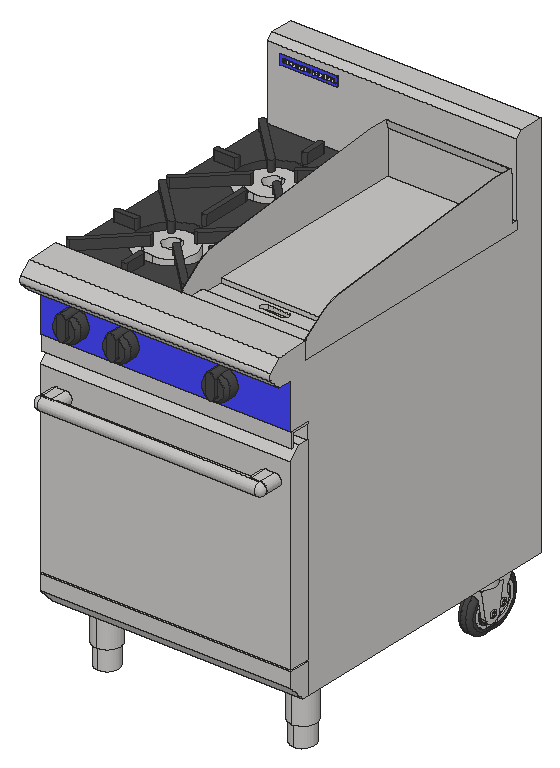
Revit family "QF_MOFFAT_BLUESEAL_CE_G504C", category Specialty Equipment, Revit 2012
Parameters
  Weight in Pounds = 346
  URL Cutsheet = "www.moffat.com"
  URL = "www.moffat.com"
  Type Mark [instance] = ""
  Status [instance] = ""
  Specification by User [instance] = ""
  Specification by Manufacturer = ""
  Show Logo [instance] = yes
  Show Clearance [instance] = yes
  Show Casters [instance] = yes
  Serial Number = ""
  Seismic Rating = ""
  SMACNA No = ""
  Revision Code [instance] = ""
  Omniclass Number and Title = ""
  NAFEM Spec ID Number = ""
  Model = "G504C"
  Mechanical Remarks [instance] = ""
  Mechanical Connection Type [instance] = ""
  Masterspec = ""
  Manufacturer = "MOFFAT BLUESEAL"
  Legs [instance] = not(Show Casters)  # no
  Item Number [instance] = ""
  Installed By [instance] = ""
  Identify Quantity as Lot [instance] = yes
  Gas Size = 3/4"
  Gas RI Height [instance] = 0 mm
  Gas KW [instance] = 26.6
  Gas Input [instance] = 90800.0 Btu/h
  Gas Connection Height = 0 mm
  Furnished By [instance] = ""
  Foodservice Equipment Identifier [instance] = yes
  Description = "600MM GAS RANGE WITH STATIC OVEN"
  CSI MasterFormat = ""
  CSI Master Format = ""
Reference planes
  plane 1 "BACK": y = 0
  plane 2: z = 0
  plane 3 "LEFT": x = 0
  plane 4 "RIGHT": x = 600
  plane 5 "FRONT": y = -812
  plane 6 "TOP": z = 970
  plane 7 "Center Y": x = 300
  plane 8 "Center X": y = -406
  plane 9: x = 65
  plane 10: x = 535
  plane 11: y = -100
  plane 12 "Base Height": z = 150
  plane 13: x = 65.8
  plane 14: x = 470
  plane 15: z = 1085
Forms (mm)
  Extrusion 1, solid, material "QF_Finishes_Stainless Steel"
    sketch origin (0, 0, 0) x (0, 1, 0) y (0, 0, 1)
      loop
        line (-784.97, 850) -> (-749, 850) -> (-749, 740) -> (-699, 740) -> (-699, 150) -> (0, 150) -> (0, 1085) -> (-57.5, 1085) -> (-70, 1072.5) -> (-70, 875) -> (-705, 875) -> (-705, 915) -> (-783.97, 915) -> (-808.525, 890.445)
        arc (-808.525, 890.445) -> (-812.023, 882) -> (-808.525, 873.555) r 11.943
        line (-808.525, 873.555) -> (-784.97, 850)
    from 0 to 600
  Extrusion 2, solid, material "QF_Finishes_Stainless Steel"
    sketch origin (405.062, 3, 100) x (1, 0, 0) y (0, 1, 0)
      loop
        circle (65, -35) r 13.5
    from 555 to 640
  Revolve 3, solid, material "QF_Finishes_Stainless Steel"
    sketch origin (65, -735, 0) x (0, 1, 0) y (0, 0, 1)
      loop
        line (71.25, 150) -> (71.25, 50) -> (75.5, 50) -> (75.5, 0) -> (103, 0) -> (103, 150) -> (71.25, 150)
      axis (103, 150) -> (103, 0)
    angle from 0 to 360
  Revolve 4, solid, material "QF_Finishes_Stainless Steel"
    sketch origin (535, -735, 0) x (0, 1, 0) y (0, 0, -1)
      loop
        line (71.25, -150) -> (103, -150) -> (103, 0) -> (75.5, 0) -> (75.5, -50) -> (71.25, -50) -> (71.25, -150)
      axis (103, -150) -> (103, 0)
    angle from 0 to 360
  Extrusion 5, solid, material "QF_Finishes_Black"
    sketch origin (0, -70, 875) x (0, -1, 0) y (1, 0, 0)
      loop
        arc (1, 4) -> (1.879, 1.879) -> (4, 1) r 3
        line (4, 1) -> (632, 1)
        arc (632, 1) -> (634.121, 1.879) -> (635, 4) r 3
        line (635, 4) -> (635, 300) -> (4, 300)
        arc (4, 300) -> (1.879, 299.121) -> (1, 297) r 3
        line (1, 297) -> (1, 4)
      loop
        circle (167.5, 150) r 85
      loop
        circle (471.268, 150) r 85
    from 0 to 19.5
  Extrusion 6, solid, material "QF_Finishes_Black"
    sketch origin (0, -70, 894.5) x (0, -1, 0) y (1, 0, 0)
      loop
        spline (323.602, 15.153) -> (322.681, 13.924) -> (322.131, 12.47) -> (321.99, 10.89) -> (322.267, 9.292) -> (322.943, 7.786) -> (323.973, 6.473) -> (325.286, 5.443) -> (326.792, 4.767) -> (328.39, 4.49) -> (329.97, 4.631) -> (331.424, 5.181) -> (332.653, 6.102)
        line (332.653, 6.102) -> (440.576, 114.025)
        spline (440.576, 114.025) -> (441.337, 115.095) -> (441.738, 116.399) -> (441.751, 117.851) -> (441.375, 119.35) -> (440.637, 120.795) -> (439.586, 122.086) -> (438.295, 123.137) -> (436.85, 123.875) -> (435.351, 124.251) -> (433.899, 124.238) -> (432.595, 123.837) -> (431.525, 123.076)
        line (431.525, 123.076) -> (323.602, 15.153)
      loop
        line (612.398, 15.153) -> (503.475, 123.076)
        spline (503.475, 123.076) -> (502.405, 123.837) -> (501.101, 124.238) -> (499.649, 124.251) -> (498.15, 123.875) -> (496.705, 123.137) -> (495.414, 122.086) -> (494.363, 120.795) -> (493.625, 119.35) -> (493.249, 117.851) -> (493.262, 116.399) -> (493.663, 115.095) -> (494.424, 114.025)
        line (494.424, 114.025) -> (603.347, 6.102)
        spline (603.347, 6.102) -> (604.416, 5.341) -> (605.721, 4.941) -> (607.172, 4.928) -> (608.671, 5.303) -> (610.116, 6.041) -> (611.408, 7.092) -> (612.459, 8.384) -> (613.197, 9.829) -> (613.572, 11.328) -> (613.559, 12.779) -> (613.159, 14.084) -> (612.398, 15.153)
      loop
        spline (375.602, 143.6) -> (376.896, 143.818) -> (378.102, 144.457) -> (379.138, 145.475) -> (379.932, 146.8) -> (380.432, 148.344) -> (380.602, 150) -> (380.432, 151.656) -> (379.932, 153.2) -> (379.138, 154.525) -> (378.102, 155.543) -> (376.896, 156.182) -> (375.602, 156.4)
        line (375.602, 156.4) -> (259.398, 156.4)
        spline (259.398, 156.4) -> (258.104, 156.182) -> (256.898, 155.543) -> (255.862, 154.525) -> (255.068, 153.2) -> (254.568, 151.656) -> (254.398, 150) -> (254.568, 148.344) -> (255.068, 146.8) -> (255.862, 145.475) -> (256.898, 144.457) -> (258.104, 143.818) -> (259.398, 143.6)
        line (259.398, 143.6) -> (375.602, 143.6)
      loop
        spline (23.602, 15.153) -> (22.681, 13.924) -> (22.131, 12.47) -> (21.99, 10.89) -> (22.267, 9.292) -> (22.943, 7.786) -> (23.973, 6.473) -> (25.286, 5.443) -> (26.792, 4.767) -> (28.39, 4.49) -> (29.97, 4.631) -> (31.424, 5.181) -> (32.653, 6.102)
        line (32.653, 6.102) -> (140.576, 114.025)
        spline (140.576, 114.025) -> (141.337, 115.095) -> (141.738, 116.399) -> (141.751, 117.851) -> (141.375, 119.35) -> (140.637, 120.795) -> (139.586, 122.086) -> (138.295, 123.137) -> (136.85, 123.875) -> (135.351, 124.251) -> (133.899, 124.238) -> (132.595, 123.837) -> (131.525, 123.076)
        line (131.525, 123.076) -> (23.602, 15.153)
      loop
        line (311.398, 15.153) -> (203.475, 123.076)
        spline (203.475, 123.076) -> (202.405, 123.837) -> (201.101, 124.238) -> (199.649, 124.251) -> (198.15, 123.875) -> (196.705, 123.137) -> (195.414, 122.086) -> (194.363, 120.795) -> (193.625, 119.35) -> (193.249, 117.851) -> (193.262, 116.399) -> (193.663, 115.095) -> (194.424, 114.025)
        line (194.424, 114.025) -> (302.347, 6.102)
        spline (302.347, 6.102) -> (303.416, 5.341) -> (304.721, 4.941) -> (306.172, 4.928) -> (307.671, 5.303) -> (309.116, 6.041) -> (310.408, 7.092) -> (311.459, 8.384) -> (312.197, 9.829) -> (312.572, 11.328) -> (312.559, 12.779) -> (312.159, 14.084) -> (311.398, 15.153)
      loop
        line (323.602, 284.847) -> (431.525, 176.924)
        spline (431.525, 176.924) -> (432.595, 176.163) -> (433.899, 175.762) -> (435.351, 175.749) -> (436.85, 176.125) -> (438.295, 176.863) -> (439.586, 177.914) -> (440.637, 179.205) -> (441.375, 180.65) -> (441.751, 182.149) -> (441.738, 183.601) -> (441.337, 184.905) -> (440.576, 185.975)
        line (440.576, 185.975) -> (332.653, 293.898)
        spline (332.653, 293.898) -> (331.424, 294.819) -> (329.97, 295.369) -> (328.39, 295.51) -> (326.792, 295.233) -> (325.286, 294.557) -> (323.973, 293.527) -> (322.943, 292.214) -> (322.267, 290.708) -> (321.99, 289.11) -> (322.131, 287.53) -> (322.681, 286.076) -> (323.602, 284.847)
      loop
        spline (612.398, 284.847) -> (613.159, 285.916) -> (613.559, 287.221) -> (613.572, 288.672) -> (613.197, 290.171) -> (612.459, 291.616) -> (611.408, 292.908) -> (610.116, 293.959) -> (608.671, 294.697) -> (607.172, 295.072) -> (605.721, 295.059) -> (604.416, 294.659) -> (603.347, 293.898)
        line (603.347, 293.898) -> (494.424, 185.975)
        spline (494.424, 185.975) -> (493.663, 184.905) -> (493.262, 183.601) -> (493.249, 182.149) -> (493.625, 180.65) -> (494.363, 179.205) -> (495.414, 177.914) -> (496.705, 176.863) -> (498.15, 176.125) -> (499.649, 175.749) -> (501.101, 175.762) -> (502.405, 176.163) -> (503.475, 176.924)
        line (503.475, 176.924) -> (612.398, 284.847)
      loop
        line (23.602, 284.847) -> (131.525, 176.924)
        spline (131.525, 176.924) -> (132.595, 176.163) -> (133.899, 175.762) -> (135.351, 175.749) -> (136.85, 176.125) -> (138.295, 176.863) -> (139.586, 177.914) -> (140.637, 179.205) -> (141.375, 180.65) -> (141.751, 182.149) -> (141.738, 183.601) -> (141.337, 184.905) -> (140.576, 185.975)
        line (140.576, 185.975) -> (32.653, 293.898)
        spline (32.653, 293.898) -> (31.424, 294.819) -> (29.97, 295.369) -> (28.39, 295.51) -> (26.792, 295.233) -> (25.286, 294.557) -> (23.973, 293.527) -> (22.943, 292.214) -> (22.267, 290.708) -> (21.99, 289.11) -> (22.131, 287.53) -> (22.681, 286.076) -> (23.602, 284.847)
      loop
        spline (311.398, 284.847) -> (312.159, 285.916) -> (312.559, 287.221) -> (312.572, 288.672) -> (312.197, 290.171) -> (311.459, 291.616) -> (310.408, 292.908) -> (309.116, 293.959) -> (307.671, 294.697) -> (306.172, 295.072) -> (304.721, 295.059) -> (303.416, 294.659) -> (302.347, 293.898)
        line (302.347, 293.898) -> (194.424, 185.975)
        spline (194.424, 185.975) -> (193.663, 184.905) -> (193.262, 183.601) -> (193.249, 182.149) -> (193.625, 180.65) -> (194.363, 179.205) -> (195.414, 177.914) -> (196.705, 176.863) -> (198.15, 176.125) -> (199.649, 175.749) -> (201.101, 175.762) -> (202.405, 176.163) -> (203.475, 176.924)
        line (203.475, 176.924) -> (311.398, 284.847)
      loop
        spline (73.08, 143.6) -> (74.374, 143.818) -> (75.58, 144.457) -> (76.615, 145.475) -> (77.41, 146.8) -> (77.909, 148.344) -> (78.08, 150) -> (77.909, 151.656) -> (77.41, 153.2) -> (76.615, 154.525) -> (75.58, 155.543) -> (74.374, 156.182) -> (73.08, 156.4)
        line (73.08, 156.4) -> (26.876, 156.4)
        spline (26.876, 156.4) -> (25.582, 156.182) -> (24.376, 155.543) -> (23.34, 154.525) -> (22.546, 153.2) -> (22.046, 151.656) -> (21.876, 150) -> (22.046, 148.344) -> (22.546, 146.8) -> (23.34, 145.475) -> (24.376, 144.457) -> (25.582, 143.818) -> (26.876, 143.6)
        line (26.876, 143.6) -> (73.08, 143.6)
      loop
        spline (614.08, 143.6) -> (615.374, 143.818) -> (616.58, 144.457) -> (617.615, 145.475) -> (618.41, 146.8) -> (618.909, 148.344) -> (619.08, 150) -> (618.909, 151.656) -> (618.41, 153.2) -> (617.615, 154.525) -> (616.58, 155.543) -> (615.374, 156.182) -> (614.08, 156.4)
        line (614.08, 156.4) -> (566.876, 156.4)
        spline (566.876, 156.4) -> (565.582, 156.182) -> (564.376, 155.543) -> (563.34, 154.525) -> (562.546, 153.2) -> (562.046, 151.656) -> (561.876, 150) -> (562.046, 148.344) -> (562.546, 146.8) -> (563.34, 145.475) -> (564.376, 144.457) -> (565.582, 143.818) -> (566.876, 143.6)
        line (566.876, 143.6) -> (614.08, 143.6)
      loop
        spline (161.1, 13.784) -> (161.318, 12.49) -> (161.957, 11.284) -> (162.975, 10.248) -> (164.3, 9.454) -> (165.844, 8.954) -> (167.5, 8.784) -> (169.156, 8.954) -> (170.7, 9.454) -> (172.025, 10.248) -> (173.043, 11.284) -> (173.682, 12.49) -> (173.9, 13.784)
        line (173.9, 13.784) -> (173.9, 59.988)
        spline (173.9, 59.988) -> (173.682, 61.282) -> (173.043, 62.488) -> (172.025, 63.524) -> (170.7, 64.318) -> (169.156, 64.818) -> (167.5, 64.988) -> (165.844, 64.818) -> (164.3, 64.318) -> (162.975, 63.524) -> (161.957, 62.488) -> (161.318, 61.282) -> (161.1, 59.988)
        line (161.1, 59.988) -> (161.1, 13.784)
      loop
        spline (461.368, 13.784) -> (461.586, 12.49) -> (462.225, 11.284) -> (463.242, 10.248) -> (464.568, 9.454) -> (466.111, 8.954) -> (467.768, 8.784) -> (469.424, 8.954) -> (470.968, 9.454) -> (472.293, 10.248) -> (473.31, 11.284) -> (473.95, 12.49) -> (474.168, 13.784)
        line (474.168, 13.784) -> (474.168, 59.988)
        spline (474.168, 59.988) -> (473.95, 61.282) -> (473.31, 62.488) -> (472.293, 63.524) -> (470.968, 64.318) -> (469.424, 64.818) -> (467.768, 64.988) -> (466.111, 64.818) -> (464.568, 64.318) -> (463.242, 63.524) -> (462.225, 62.488) -> (461.586, 61.282) -> (461.368, 59.988)
        line (461.368, 59.988) -> (461.368, 13.784)
      loop
        line (161.1, 286.216) -> (161.1, 240.012)
        spline (161.1, 240.012) -> (161.318, 238.718) -> (161.957, 237.512) -> (162.975, 236.476) -> (164.3, 235.682) -> (165.844, 235.182) -> (167.5, 235.012) -> (169.156, 235.182) -> (170.7, 235.682) -> (172.025, 236.476) -> (173.043, 237.512) -> (173.682, 238.718) -> (173.9, 240.012)
        line (173.9, 240.012) -> (173.9, 286.216)
        spline (173.9, 286.216) -> (173.682, 287.51) -> (173.043, 288.716) -> (172.025, 289.752) -> (170.7, 290.546) -> (169.156, 291.046) -> (167.5, 291.216) -> (165.844, 291.046) -> (164.3, 290.546) -> (162.975, 289.752) -> (161.957, 288.716) -> (161.318, 287.51) -> (161.1, 286.216)
      loop
        line (461.368, 286.216) -> (461.368, 240.012)
        spline (461.368, 240.012) -> (461.586, 238.718) -> (462.225, 237.512) -> (463.242, 236.476) -> (464.568, 235.682) -> (466.111, 235.182) -> (467.768, 235.012) -> (469.424, 235.182) -> (470.968, 235.682) -> (472.293, 236.476) -> (473.31, 237.512) -> (473.95, 238.718) -> (474.168, 240.012)
        line (474.168, 240.012) -> (474.168, 286.216)
        spline (474.168, 286.216) -> (473.95, 287.51) -> (473.31, 288.716) -> (472.293, 289.752) -> (470.968, 290.546) -> (469.424, 291.046) -> (467.768, 291.216) -> (466.111, 291.046) -> (464.568, 290.546) -> (463.242, 289.752) -> (462.225, 288.716) -> (461.586, 287.51) -> (461.368, 286.216)
    from 0 to 23.5
  Revolve 7, solid, material "QF_Finishes_Black"
    sketch origin (208.75, 9, 759.75) x (0, -1, 0) y (0, 0, 1)
      loop
        line (789, 69.605) -> (766, 69.605) -> (766, 42.105) -> (756, 42.105) -> (756, 37.105) -> (800, 37.105) -> (800, 63.757) -> (789, 69.605)
      axis (800, 37.105) -> (756, 37.105)
    angle from 0 to 360
  Extrusion 8, solid, material "QF_Finishes_Black"
    sketch origin (70.319, 9, 655.753) x (1, 0, 0) y (0, 0, 1)
      loop
        line (148.431, 129) -> (148.431, 167.997)
        arc (148.431, 167.997) -> (138.431, 177.997) -> (128.431, 167.997) r 10
        line (128.431, 167.997) -> (128.431, 129)
        arc (128.431, 129) -> (138.431, 119) -> (148.431, 129) r 10
    from 759 to 808
  Revolve 9, solid, material "QF_Finishes_Black"
    sketch origin (88.749, 9, 759.623) x (0, 1, 0) y (0, 0, -1)
      loop
        line (-789, -69.5) -> (-766, -69.5) -> (-766, -42) -> (-756, -42) -> (-756, -37) -> (-800, -37) -> (-800, -63.651) -> (-789, -69.5)
      axis (-800, -37) -> (-756, -37)
    angle from 0 to 360
  Extrusion 10, solid, material "QF_Finishes_Black"
    sketch origin (227.019, 9, 759.781) x (-1, 0, 0) y (0, 0, -1)
      loop
        arc (148.269, -24.969) -> (138.269, -14.969) -> (128.269, -24.969) r 10
        line (128.269, -24.969) -> (128.269, -63.969)
        arc (128.269, -63.969) -> (138.269, -73.969) -> (148.269, -63.969) r 10
        line (148.269, -63.969) -> (148.269, -24.969)
    from 759 to 808
  Revolve 11, solid, material "QF_Finishes_Black"
    sketch origin (446.249, 9, 759.623) x (0, 1, 0) y (0, 0, -1)
      loop
        line (-789, -69.5) -> (-766, -69.5) -> (-766, -42) -> (-756, -42) -> (-756, -37) -> (-800, -37) -> (-800, -63.651) -> (-789, -69.5)
      axis (-800, -37) -> (-756, -37)
    angle from 0 to 360
  Extrusion 12, solid, material "QF_Finishes_Black"
    sketch origin (584.519, 9, 759.781) x (-1, 0, 0) y (0, 0, -1)
      loop
        arc (148.269, -24.969) -> (138.269, -14.969) -> (128.269, -24.969) r 10
        line (128.269, -24.969) -> (128.269, -63.969)
        arc (128.269, -63.969) -> (138.269, -73.969) -> (148.269, -63.969) r 10
        line (148.269, -63.969) -> (148.269, -24.969)
    from 759 to 808
  Extrusion 13, solid, material "QF_Door-Drawer Clearances", visible <- "Show Clearance", detail levels coarse
    sketch origin (0, 7, 0) x (0, -1, 0) y (0, 0, 1)
      loop
        line (756, 690.016) -> (756, 227.5) -> (1218.516, 227.5)
        arc (1218.516, 227.5) -> (1083.048, 554.548) -> (756, 690.016) r 462.516
    from 0 to -600
  Extrusion 14, void
    sketch origin (0, 0, 150) x (-1, 0, 0) y (0, -1, 0)
      loop
        line (-531.028, 89.21) -> (-531.028, -28.29) -> (-401.528, -28.29) -> (-401.528, 40.71) -> (-450.028, 89.21) -> (-531.028, 89.21)
    from 72.5 to 590
  Extrusion 15, solid, material "QF_Finishes_Stainless Steel"
    sketch origin (0, -70, 875) x (0, -1, 0) y (1, 0, 0)
      loop
        circle (474.5, 150) r 57
      loop
        circle (171, 150) r 57
      loop
        circle (168.302, 148.743) r 22
      loop
        circle (471.802, 148.743) r 22
    from 0 to 19.5
  Extrusion 16, solid, material "QF_Finishes_Stainless Steel"
    sketch origin (0, -749, 227.5) x (0, 0, 1) y (-1, 0, 0)
      loop
        line (380.625, -38.246) -> (380.625, -58.528)
        arc (380.625, -58.528) -> (395.625, -73.528) -> (410.625, -58.528) r 15
        line (410.625, -58.528) -> (410.625, -38.246)
        arc (410.625, -38.246) -> (395.625, -23.246) -> (380.625, -38.246) r 15
      loop
        arc (380.625, -560.539) -> (395.625, -575.539) -> (410.625, -560.539) r 15
        line (410.625, -560.539) -> (410.625, -540.257)
        arc (410.625, -540.257) -> (395.625, -525.257) -> (380.625, -540.257) r 15
        line (380.625, -540.257) -> (380.625, -560.539)
    from 0 to 44
  Revolve 17, solid, material "QF_Finishes_Stainless Steel"
    sketch origin (0, -793, 0) x (1, 0, 0) y (0, 0, 1)
      loop
        arc (575.539, 623.125) -> (571.146, 633.732) -> (560.539, 638.125) r 15
        line (560.539, 638.125) -> (38.246, 638.125)
        arc (38.246, 638.125) -> (27.64, 633.732) -> (23.246, 623.125) r 15
        line (23.246, 623.125) -> (575.539, 623.125)
      axis (575.539, 623.125) -> (23.246, 623.125)
    angle from 0 to 360
  Extrusion 18, solid, material "QF_Finishes_Stainless Steel"
    sketch origin (0, 9, 0) x (0, 1, 0) y (0, 0, 1)
      loop
        line (-708, 227.5) -> (-708, 700) -> (-734, 700) -> (-758, 676) -> (-758, 227.5) -> (-708, 227.5)
    from 0 to 600
  Extrusion 19, solid, material "QF_Finishes_Stainless Steel"
    sketch origin (0, 9, 0) x (0, 1, 0) y (0, 0, 1)
      loop
        line (-756, 738) -> (-756, 703) -> (-752.98, 703) -> (-752.98, 735) -> (-708, 735) -> (-708, 738) -> (-756, 738)
    from 0 to 600
  Extrusion 20, solid, material "QF_Finishes_Stainless Steel"
    sketch origin (0, 9, 0) x (0, 1, 0) y (0, 0, 1)
      loop
        line (-708, 222.5) -> (-758, 222.5) -> (-758, 186) -> (-722, 150) -> (-708, 150) -> (-708, 222.5)
    from 0 to 600
  Extrusion 21, solid, material "QF_Finishes_Stainless Steel", visible <- "Show Casters"
    sketch origin (71.501, 133.353, -8.783) x (0, 1, 0) y (0, 0, 1)
      loop
        line (-201.603, 118.783) -> (-265.103, 118.783) -> (-252.746, 53.895)
        arc (-252.746, 53.895) -> (-233.353, 38.783) -> (-213.959, 53.895) r 20
        line (-213.959, 53.895) -> (-201.603, 118.783)
    from -35.667 to 22.923
  Revolve 22, solid, material "QF_Finishes_Stainless Steel", visible <- "Show Casters"
    sketch origin (65, -203, 0) x (0, 1, 0) y (0, 0, 1)
      loop
        line (67.25, 150) -> (67.25, 110) -> (103, 110) -> (103, 150) -> (67.25, 150)
      axis (103, 150) -> (103, 110)
    angle from 0 to 360
  Revolve 23, solid, material "QF_Finishes_Stainless Steel", visible <- "Show Casters"
    sketch origin (535, -203, 0) x (0, 1, 0) y (0, 0, -1)
      loop
        line (67.25, -150) -> (103, -150) -> (103, -110) -> (67.25, -110) -> (67.25, -150)
      axis (103, -150) -> (103, -110)
    angle from 0 to 360
  Revolve 24, solid, material "QF_Finishes_Stainless Steel", visible <- "Show Casters"
    sketch origin (485.776, -99.755, -13.653) x (1, 0, 0) y (0, 0, 1)
      loop
        line (14.841, 64.453) -> (83.584, 64.453) -> (83.584, 67.958) -> (82.314, 69.228) -> (80.79, 69.228) -> (80.79, 72.674) -> (68.644, 72.674) -> (68.644, 82.639) -> (65.088, 84.692) -> (63.738, 93.028) -> (65.881, 93.028) -> (65.881, 99.378) -> (65.088, 99.378) -> (65.088, 105.728)
        arc (65.088, 105.728) -> (62.298, 112.463) -> (55.563, 115.253) r 9.525
        line (55.563, 115.253) -> (42.863, 115.253)
        arc (42.863, 115.253) -> (36.127, 112.463) -> (33.338, 105.728) r 9.525
        line (33.338, 105.728) -> (33.338, 99.378) -> (32.544, 99.378) -> (32.544, 93.028) -> (34.687, 93.028) -> (33.352, 84.781) -> (29.782, 82.719) -> (29.782, 72.674) -> (17.635, 72.674) -> (17.635, 69.228) -> (16.111, 69.228) -> (14.841, 67.958) -> (14.841, 64.453)
      axis (14.841, 64.453) -> (83.584, 64.453)
    angle from 0 to 360
  Extrusion 25, solid, material "QF_Finishes_Stainless Steel", visible <- "Show Casters"
    sketch origin (541.501, 133.353, -8.783) x (0, 1, 0) y (0, 0, 1)
      loop
        line (-201.603, 118.783) -> (-265.103, 118.783) -> (-252.746, 53.895)
        arc (-252.746, 53.895) -> (-233.353, 38.783) -> (-213.959, 53.895) r 20
        line (-213.959, 53.895) -> (-201.603, 118.783)
    from -35.667 to 22.923
  Revolve 26, solid, material "QF_Finishes_Stainless Steel", visible <- "Legs"
    sketch origin (65, -165, 0) x (0, 1, 0) y (0, 0, 1)
      loop
        line (33.25, 150) -> (33.25, 50) -> (37.5, 50) -> (37.5, 0) -> (65, 0) -> (65, 150) -> (33.25, 150)
      axis (65, 150) -> (65, 0)
    angle from 0 to 360
  Revolve 27, solid, material "QF_Finishes_Stainless Steel", visible <- "Legs"
    sketch origin (535, -165, 0) x (0, 1, 0) y (0, 0, -1)
      loop
        line (33.25, -150) -> (65, -150) -> (65, 0) -> (37.5, 0) -> (37.5, -50) -> (33.25, -50) -> (33.25, -150)
      axis (65, -150) -> (65, 0)
    angle from 0 to 360
  Revolve 28, solid, material "QF_Finishes_Stainless Steel", visible <- "Show Casters"
    sketch origin (114.224, -99.755, -13.653) x (-1, 0, 0) y (0, 0, -1)
      loop
        line (14.841, -64.453) -> (14.841, -67.958) -> (16.111, -69.228) -> (17.635, -69.228) -> (17.635, -72.674) -> (29.782, -72.674) -> (29.782, -82.719) -> (33.352, -84.781) -> (34.687, -93.028) -> (32.544, -93.028) -> (32.544, -99.378) -> (33.338, -99.378) -> (33.338, -105.728)
        arc (33.338, -105.728) -> (36.127, -112.463) -> (42.863, -115.253) r 9.525
        line (42.863, -115.253) -> (55.563, -115.253)
        arc (55.563, -115.253) -> (62.298, -112.463) -> (65.088, -105.728) r 9.525
        line (65.088, -105.728) -> (65.088, -99.378) -> (65.881, -99.378) -> (65.881, -93.028) -> (63.738, -93.028) -> (65.088, -84.692) -> (68.644, -82.639) -> (68.644, -72.674) -> (80.79, -72.674) -> (80.79, -69.228) -> (82.314, -69.228) -> (83.584, -67.958) -> (83.584, -64.453) -> (14.841, -64.453)
      axis (14.841, -64.453) -> (83.584, -64.453)
    angle from 0 to 360
Cuts and joins
  Extrusion 14 cuts Extrusion 1
Lines and regions (mm)
  Split face 1
    outline origin (600, 0, 1085) x (-1, 0, 0) y (0, -1, 0)
      loop
        arc (335.206, 45.385) -> (326.545, 40.385) -> (326.545, 30.385) r 10
        line (326.545, 30.385) -> (330.587, 23.385)
        arc (330.587, 23.385) -> (334.247, 19.725) -> (339.247, 18.385) r 10
        line (339.247, 18.385) -> (567.206, 18.385)
        arc (567.206, 18.385) -> (575.866, 23.385) -> (575.866, 33.385) r 10
        line (575.866, 33.385) -> (571.824, 40.385)
        arc (571.824, 40.385) -> (568.164, 44.045) -> (563.164, 45.385) r 10
        line (563.164, 45.385) -> (335.206, 45.385)
  Split face 2
    outline origin (600, 0, 1085) x (-1, 0, 0) y (0, -1, 0)
      loop
        arc (35.206, 45.385) -> (26.545, 40.385) -> (26.545, 30.385) r 10
        line (26.545, 30.385) -> (30.587, 23.385)
        arc (30.587, 23.385) -> (34.247, 19.725) -> (39.247, 18.385) r 10
        line (39.247, 18.385) -> (267.206, 18.385)
        arc (267.206, 18.385) -> (275.866, 23.385) -> (275.866, 33.385) r 10
        line (275.866, 33.385) -> (271.824, 40.385)
        arc (271.824, 40.385) -> (268.164, 44.045) -> (263.164, 45.385) r 10
        line (263.164, 45.385) -> (35.206, 45.385)
  symbolic lines
    curve 1: line (0, 0, 0) -> (0, -812, 0)
    curve 2: line (600, 0, 0) -> (0, 0, 0)
    curve 3: line (600, -812, 0) -> (600, 0, 0)
    curve 4: line (0, -812, 0) -> (600, -812, 0)
    curve 5: line (600, -705, 0) -> (0, -705, 0)
    curve 6: line (300, -70, 0) -> (300, -705, 0)
    curve 7: arc (150, -184, 0) -> (93, -241, 0) -> (150, -298, 0) r 57
    curve 8: arc (150, -298, 0) -> (207, -241, 0) -> (150, -184, 0) r 57
    curve 9: arc (150, -487.5, 0) -> (93, -544.5, 0) -> (150, -601.5, 0) r 57
    curve 10: arc (150, -601.5, 0) -> (207, -544.5, 0) -> (150, -487.5, 0) r 57
    curve 11: line (5.842, -93.966, 0) -> (118.979, -207.103, 0)
    curve 12: line (150, -91.33, 0) -> (150, -146.33, 0)
    curve 13: line (4.26, -237.741, 0) -> (64.26, -237.741, 0)
    curve 14: line (121.121, -266.113, 0) -> (6.585, -380.648, 0)
    curve 15: line (177.796, -266.64, 0) -> (292.595, -381.439, 0)
    curve 16: line (150, -322.5, 0) -> (150, -454.5, 0)
    curve 17: line (179.762, -206.71, 0) -> (292.899, -93.573, 0)
    curve 18: line (292.613, -237.741, 0) -> (242.49, -237.741, 0)
    curve 19: line (7.231, -680.841, 0) -> (121.838, -566.234, 0)
    curve 20: line (149.988, -690.67, 0) -> (149.988, -629.768, 0)
    curve 21: line (4.26, -537.134, 0) -> (64.26, -537.134, 0)
    curve 22: line (123.258, -511.774, 0) -> (6.585, -395.102, 0)
    curve 23: line (179.458, -507.448, 0) -> (292.595, -394.311, 0)
    curve 24: line (179.349, -566.66, 0) -> (292.613, -679.923, 0)
    curve 25: line (292.613, -537.729, 0) -> (237.613, -537.729, 0)
    curve 26: line (0, -70, 0) -> (600, -70, 0)
    curve 27: line (0, -391, 0) -> (300, -391, 0)
    curve 28: line (0, 0, 0) -> (0, -812, 0)
    curve 29: line (600, 0, 0) -> (0, 0, 0)
    curve 30: line (600, -812, 0) -> (600, 0, 0)
    curve 34: arc (150, -322.5, 0) -> (65, -237.5, 0) -> (150, -152.5, 0) r 85
    curve 35: arc (150, -152.5, 0) -> (235, -237.5, 0) -> (150, -322.5, 0) r 85
    curve 36: arc (148.743, -216.302, 150) -> (170.743, -238.302, 150) -> (148.743, -260.302, 150) r 22
    curve 37: arc (148.743, -260.302, 150) -> (126.743, -238.302, 150) -> (148.743, -216.302, 150) r 22
    curve 38: arc (148.743, -519.802, 150) -> (170.743, -541.802, 150) -> (148.743, -563.802, 150) r 22
    curve 39: arc (148.743, -563.802, 150) -> (126.743, -541.802, 150) -> (148.743, -519.802, 150) r 22
    curve 40: line (32.794, -18.385, 150) -> (260.753, -18.385, 150)
    curve 41: arc (260.753, -18.385, 150) -> (265.753, -19.725, 150) -> (269.413, -23.385, 150) r 10
    curve 42: line (269.413, -23.385, 150) -> (273.455, -30.385, 150)
    curve 43: arc (273.455, -30.385, 150) -> (273.455, -40.385, 150) -> (264.794, -45.385, 150) r 10
    curve 44: line (264.794, -45.385, 150) -> (36.836, -45.385, 150)
    curve 45: arc (36.836, -45.385, 150) -> (31.836, -44.045, 150) -> (28.176, -40.385, 150) r 10
    curve 46: line (28.176, -40.385, 150) -> (24.134, -33.385, 150)
    curve 47: arc (24.134, -33.385, 150) -> (24.134, -23.385, 150) -> (32.794, -18.385, 150) r 10
    curve 48: line (560.753, -18.385, 150) -> (332.794, -18.385, 150)
    curve 49: arc (332.794, -18.385, 150) -> (324.134, -23.385, 150) -> (324.134, -33.385, 150) r 10
    curve 50: line (324.134, -33.385, 150) -> (328.176, -40.385, 150)
    curve 51: arc (328.176, -40.385, 150) -> (331.836, -44.045, 150) -> (336.836, -45.385, 150) r 10
    curve 52: line (336.836, -45.385, 150) -> (564.794, -45.385, 150)
    curve 53: arc (564.794, -45.385, 150) -> (573.455, -40.385, 150) -> (573.455, -30.385, 150) r 10
    curve 54: line (573.455, -30.385, 150) -> (569.413, -23.385, 150)
    curve 55: arc (569.413, -23.385, 150) -> (565.753, -19.725, 150) -> (560.753, -18.385, 150) r 10
    curve 56: arc (150, -626.268, 150) -> (65, -541.268, 150) -> (150, -456.268, 150) r 85
    curve 57: arc (150, -456.268, 150) -> (235, -541.268, 150) -> (150, -626.268, 150) r 85
    curve 58: line (0, -57.5, 150) -> (600, -57.5, 150)
    curve 59: line (0, -783.97, 150) -> (600, -783.97, 150)
  symbolic lines, style "QF_Door-Drawer Clearances", visible <- "Show Clearance"
    curve 31: line (0, -812, 0) -> (0, -1211.516, 0)
    curve 32: line (0, -1211.516, 0) -> (600, -1211.516, 0)
    curve 33: line (600, -1211.516, 0) -> (600, -812, 0)
Dimensions and locks
  equal spacing: plane 3 "LEFT", plane 7 "Center Y", plane 4 "RIGHT"
  plane 3 "LEFT" to plane 4 "RIGHT" = 600 mm
  equal spacing: plane 5 "FRONT", plane 8 "Center X", plane 1 "BACK"
  plane 5 "FRONT" to plane 1 "BACK" = 812 mm  (x2)
  equal spacing: plane 4 "RIGHT", plane 7 "Center Y", plane 3 "LEFT"
  plane 4 "RIGHT" to plane 3 "LEFT" = 600 mm
  plane 6 "TOP" to level = 970 mm  (x2)
  Extrusion 2 to level = 655 mm
  Extrusion 2 to plane 1 "BACK" = 32 mm
  Extrusion 1 to level = 915 mm
  plane 12 "Base Height" to level = 150 mm
  plane 6 "TOP" to plane 2 = 970 mm
  locked: plane 2 to Extrusion 1 sketch curve at 875
  locked: plane 2 to Extrusion 1 sketch curve at 915
  Extrusion 5 sketch curve to plane 13 = 64.8 mm
  Revolve 24 sketch curve to Revolve 24 sketch curve = 50.8 mm
  Revolve 28 sketch curve to Revolve 28 sketch curve = 50.8 mm
  plane 15 to level = 1085 mm
  aligned and locked: level to plane 2
  aligned and locked: curve 3 to plane 4 "RIGHT"
Automatic sketch dimensions
  plane 14 to Extrusion 2 sketch curve = 0.062 mm
  plane 1 "BACK" to Extrusion 2 sketch curve = 32 mm
  Revolve 3 sketch curve to plane 12 "Base Height" = 0 mm
  Revolve 3 sketch curve to level = 0 mm
  level to Revolve 3 sketch curve = 50 mm
  Revolve 3 sketch curve to plane 5 "FRONT" = 148.25 mm
  Revolve 3 sketch curve to Revolve 3 sketch curve = 4.25 mm
  Revolve 3 sketch curve to Revolve 3 sketch curve = 27.5 mm  (x2)
  Revolve 3 sketch curve to Revolve 3 sketch curve = 55 mm
  Revolve 3 sketch curve to Revolve 3 sketch curve = 0 mm
  Revolve 4 sketch curve to plane 12 "Base Height" = 0 mm
  Revolve 4 sketch curve to level = 0 mm
  level to Revolve 4 sketch curve = 50 mm
  Revolve 4 sketch curve to plane 5 "FRONT" = 148.25 mm
  Revolve 4 sketch curve to Revolve 4 sketch curve = 4.25 mm
  Revolve 4 sketch curve to Revolve 4 sketch curve = 27.5 mm  (x2)
  Revolve 4 sketch curve to Revolve 4 sketch curve = 0 mm
  Revolve 4 sketch curve to Revolve 4 sketch curve = 55 mm
  Revolve 7 sketch curve to plane 5 "FRONT" = 65 mm
  Revolve 7 sketch curve to Revolve 7 sketch curve = 10 mm
  Revolve 7 sketch curve to Revolve 7 sketch curve = 21.3 mm
  Revolve 7 sketch curve to Revolve 7 sketch curve = 23 mm
  Revolve 7 sketch curve to plane 5 "FRONT" = 21 mm
  Revolve 7 sketch curve to Revolve 7 sketch curve = 0 mm  (x2)
  Revolve 7 sketch curve to plane 6 "TOP" = 173.145 mm
  Revolve 7 sketch curve to Revolve 7 sketch curve = 5 mm
  Revolve 7 sketch curve to Revolve 7 sketch curve = 26.651 mm
  Revolve 7 sketch curve to Revolve 7 sketch curve = 5.849 mm
  Extrusion 8 sketch curve to plane 7 "Center Y" = 101.25 mm
  Extrusion 8 sketch curve to Extrusion 8 sketch curve = 10 mm
  Extrusion 8 sketch curve to plane 6 "TOP" = 185.247 mm
  Extrusion 8 sketch curve to Extrusion 8 sketch curve = 38.997 mm
  Revolve 9 sketch curve to plane 5 "FRONT" = 21 mm
  Revolve 9 sketch curve to Revolve 9 sketch curve = 0 mm  (x2)
  Revolve 9 sketch curve to Revolve 9 sketch curve = 11 mm
  Revolve 9 sketch curve to Revolve 9 sketch curve = 12.7 mm
  Revolve 9 sketch curve to Revolve 9 sketch curve = 23 mm
  Revolve 9 sketch curve to Revolve 9 sketch curve = 10 mm
  Revolve 9 sketch curve to plane 6 "TOP" = 140.877 mm
  Revolve 9 sketch curve to Revolve 9 sketch curve = 5.849 mm
  Revolve 9 sketch curve to Revolve 9 sketch curve = 27.5 mm
  Revolve 9 sketch curve to Revolve 9 sketch curve = 5 mm
  plane 9 to Extrusion 10 sketch curve = 33.75 mm
  Extrusion 10 sketch curve to Extrusion 10 sketch curve = 10 mm
  Extrusion 10 sketch curve to plane 6 "TOP" = 146.25 mm
  Extrusion 10 sketch curve to Extrusion 10 sketch curve = 39 mm
  Revolve 11 sketch curve to plane 5 "FRONT" = 21 mm
  Revolve 11 sketch curve to Revolve 11 sketch curve = 0 mm  (x2)
  Revolve 11 sketch curve to Revolve 11 sketch curve = 11 mm
  Revolve 11 sketch curve to Revolve 11 sketch curve = 12.7 mm
  Revolve 11 sketch curve to Revolve 11 sketch curve = 23 mm
  Revolve 11 sketch curve to Revolve 11 sketch curve = 10 mm
  Revolve 11 sketch curve to plane 6 "TOP" = 140.877 mm
  Revolve 11 sketch curve to Revolve 11 sketch curve = 5.849 mm
  Revolve 11 sketch curve to Revolve 11 sketch curve = 27.5 mm
  Revolve 11 sketch curve to Revolve 11 sketch curve = 5 mm
  Extrusion 12 sketch curve to plane 14 = 13.75 mm
  Extrusion 12 sketch curve to Extrusion 12 sketch curve = 10 mm
  Extrusion 12 sketch curve to plane 6 "TOP" = 146.25 mm
  Extrusion 12 sketch curve to Extrusion 12 sketch curve = 39 mm
  Extrusion 13 sketch curve to plane 5 "FRONT" = 63 mm
  plane 12 "Base Height" to Extrusion 13 sketch curve = 77.5 mm
  plane 5 "FRONT" to Extrusion 13 sketch curve = 399.516 mm
  plane 10 to Extrusion 14 sketch curve = 3.972 mm
  Extrusion 14 sketch curve to plane 14 = 19.972 mm
  Extrusion 14 sketch curve to plane 14 = 68.472 mm
  Extrusion 14 sketch curve to plane 1 "BACK" = 28.29 mm
  plane 1 "BACK" to Extrusion 14 sketch curve = 40.71 mm
  plane 11 to Extrusion 14 sketch curve = 10.79 mm
  Extrusion 15 sketch curve to Extrusion 1 = 168.302 mm
  Extrusion 15 sketch curve to Extrusion 15 sketch curve = 2.698 mm  (x2)
  Extrusion 15 sketch curve to Extrusion 1 = 163.198 mm
  Extrusion 1 to Extrusion 15 sketch curve = 148.743 mm  (x2)
  Extrusion 15 sketch curve to Extrusion 15 sketch curve = 1.257 mm  (x2)
  plane 9 to curve 38 = 83.743 mm
  plane 9 to curve 37 = 83.743 mm
  curve 36 to plane 11 = 116.302 mm
  curve 36 to curve 37 = 22 mm
  curve 38 to plane 8 "Center X" = 113.802 mm
  curve 38 to curve 39 = 22 mm
  Extrusion 16 sketch curve to plane 9 = 6.472 mm
  Extrusion 16 sketch curve to plane 6 "TOP" = 361.875 mm  (x2)
  Extrusion 16 sketch curve to plane 10 = 5.257 mm
  Extrusion 16 sketch curve to Extrusion 16 sketch curve = 15 mm  (x2)
  Extrusion 16 sketch curve to Extrusion 16 sketch curve = 20.282 mm  (x2)
  Revolve 17 sketch curve to plane 3 "LEFT" = 6.961 mm
  plane 3 "LEFT" to Revolve 17 sketch curve = 23.246 mm
  Revolve 17 sketch curve to Revolve 17 sketch curve = 15 mm
  Revolve 17 sketch curve to plane 10 = 25.539 mm
  plane 4 "RIGHT" to Revolve 17 sketch curve = 11.961 mm
  Revolve 17 sketch curve to plane 6 "TOP" = 346.875 mm
  Revolve 17 sketch curve to Revolve 17 sketch curve = 0 mm
  Extrusion 19 sketch curve to plane 5 "FRONT" = 65 mm
  Extrusion 19 sketch curve to Extrusion 19 sketch curve = 3.02 mm
  Extrusion 19 sketch curve to Extrusion 19 sketch curve = 44.98 mm
  Extrusion 19 sketch curve to plane 6 "TOP" = 267 mm
  Extrusion 19 sketch curve to Extrusion 19 sketch curve = 32 mm
  Extrusion 19 sketch curve to Extrusion 19 sketch curve = 3 mm
  Extrusion 20 sketch curve to plane 12 "Base Height" = 0 mm
  Extrusion 20 sketch curve to plane 5 "FRONT" = 63 mm
  plane 12 "Base Height" to Extrusion 18 sketch curve = 77.5 mm
  Extrusion 21 sketch curve to plane 11 = 0 mm
  Extrusion 21 sketch curve to plane 11 = 19.393 mm
  Extrusion 21 sketch curve to plane 11 = 31.75 mm
  plane 11 to Extrusion 21 sketch curve = 19.393 mm
  plane 11 to Extrusion 21 sketch curve = 31.75 mm
  level to Extrusion 21 sketch curve = 45.111 mm
  Extrusion 21 sketch curve to Extrusion 21 sketch curve = 4.889 mm
  Extrusion 21 sketch curve to plane 12 "Base Height" = 40 mm
  Revolve 22 sketch curve to plane 12 "Base Height" = 0 mm
  Revolve 22 sketch curve to plane 11 = 0 mm  (x2)
  Revolve 22 sketch curve to Revolve 22 sketch curve = 35.75 mm
  Revolve 22 sketch curve to plane 12 "Base Height" = 40 mm
  level to Revolve 22 sketch curve = 50 mm
  Revolve 22 sketch curve to level = 55 mm
  Revolve 23 sketch curve to plane 12 "Base Height" = 0 mm
  Revolve 23 sketch curve to plane 11 = 0 mm  (x2)
  Revolve 23 sketch curve to plane 11 = 35.75 mm
  Revolve 23 sketch curve to plane 12 "Base Height" = 40 mm
  level to Revolve 23 sketch curve = 50 mm
  Revolve 23 sketch curve to level = 55 mm
  level to Revolve 24 sketch curve = 50.8 mm
  plane 4 "RIGHT" to Revolve 24 sketch curve = 99.382 mm
  Revolve 24 sketch curve to Revolve 24 sketch curve = 1.27 mm  (x4)
  Revolve 24 sketch curve to Revolve 24 sketch curve = 1.524 mm  (x2)
  Revolve 24 sketch curve to Revolve 24 sketch curve = 12.146 mm  (x2)
  Revolve 24 sketch curve to Revolve 24 sketch curve = 2.762 mm
  Revolve 24 sketch curve to Revolve 24 sketch curve = 0.794 mm  (x2)
  level to Revolve 24 sketch curve = 71.128 mm
  Revolve 24 sketch curve to Revolve 24 sketch curve = 3.57 mm
  Revolve 24 sketch curve to plane 12 "Base Height" = 70.625 mm  (x2)
  Revolve 24 sketch curve to Revolve 24 sketch curve = 2.143 mm
  Revolve 24 sketch curve to Revolve 24 sketch curve = 9.525 mm
  Revolve 24 sketch curve to Revolve 24 sketch curve = 24.572 mm
  Revolve 24 sketch curve to Revolve 24 sketch curve = 12.7 mm
  Revolve 24 sketch curve to Revolve 24 sketch curve = 8.176 mm
  Revolve 24 sketch curve to Revolve 24 sketch curve = 1.349 mm  (x2)
  level to Revolve 24 sketch curve = 71.039 mm
  Revolve 24 sketch curve to Revolve 24 sketch curve = 3.556 mm
  level to Revolve 24 sketch curve = 55.575 mm
  Revolve 24 sketch curve to Revolve 24 sketch curve = 33.32 mm
  Revolve 24 sketch curve to Revolve 24 sketch curve = 20.239 mm
  Revolve 24 sketch curve to Revolve 24 sketch curve = 3.505 mm
  Revolve 24 sketch curve to Revolve 24 sketch curve = 3.447 mm  (x2)
  Revolve 24 sketch curve to Revolve 24 sketch curve = 2.053 mm
  Revolve 24 sketch curve to Revolve 24 sketch curve = 2.061 mm
  Revolve 24 sketch curve to Revolve 24 sketch curve = 6.35 mm  (x2)
  Extrusion 25 sketch curve to plane 11 = 0 mm
  Extrusion 25 sketch curve to plane 11 = 19.393 mm
  Extrusion 25 sketch curve to plane 11 = 31.75 mm
  plane 11 to Extrusion 25 sketch curve = 19.393 mm
  plane 11 to Extrusion 25 sketch curve = 31.75 mm
  level to Extrusion 25 sketch curve = 45.111 mm
  Extrusion 25 sketch curve to Extrusion 25 sketch curve = 4.889 mm
  Extrusion 25 sketch curve to plane 12 "Base Height" = 40 mm
  Revolve 26 sketch curve to plane 12 "Base Height" = 0 mm
  Revolve 26 sketch curve to level = 0 mm
  Revolve 26 sketch curve to plane 11 = 0 mm  (x2)
  Revolve 26 sketch curve to Revolve 26 sketch curve = 27.5 mm
  Revolve 26 sketch curve to Revolve 26 sketch curve = 31.75 mm
  Revolve 26 sketch curve to level = 55 mm
  Revolve 26 sketch curve to Revolve 26 sketch curve = 50 mm
  Revolve 26 sketch curve to Revolve 26 sketch curve = 0 mm
  Revolve 27 sketch curve to plane 12 "Base Height" = 0 mm
  Revolve 27 sketch curve to level = 0 mm
  Revolve 27 sketch curve to plane 11 = 0 mm  (x2)
  Revolve 27 sketch curve to Revolve 27 sketch curve = 27.5 mm
  Revolve 27 sketch curve to Revolve 27 sketch curve = 31.75 mm
  level to Revolve 27 sketch curve = 50 mm
  Revolve 27 sketch curve to Revolve 27 sketch curve = 0 mm
  Revolve 27 sketch curve to Revolve 27 sketch curve = 55 mm
  plane 9 to Revolve 28 sketch curve = 34.382 mm
  Revolve 28 sketch curve to Revolve 28 sketch curve = 1.27 mm  (x4)
  Revolve 28 sketch curve to Revolve 28 sketch curve = 1.524 mm  (x2)
  Revolve 28 sketch curve to Revolve 28 sketch curve = 12.146 mm  (x2)
  plane 9 to Revolve 28 sketch curve = 16.68 mm
  Revolve 28 sketch curve to Revolve 28 sketch curve = 0.794 mm  (x2)
  Revolve 28 sketch curve to Revolve 28 sketch curve = 3.57 mm
  Revolve 28 sketch curve to Revolve 28 sketch curve = 2.143 mm
  plane 9 to Revolve 28 sketch curve = 6.361 mm
  Revolve 28 sketch curve to plane 9 = 5.13 mm
  Revolve 28 sketch curve to plane 9 = 6.339 mm
  Revolve 28 sketch curve to plane 9 = 14.515 mm
  Revolve 28 sketch curve to Revolve 28 sketch curve = 1.349 mm  (x2)
  Revolve 28 sketch curve to Revolve 28 sketch curve = 3.556 mm
  Revolve 28 sketch curve to plane 3 "LEFT" = 2.68 mm
  Revolve 28 sketch curve to plane 12 "Base Height" = 48.4 mm
  Revolve 28 sketch curve to Revolve 28 sketch curve = 6.35 mm  (x4)
  Revolve 28 sketch curve to Revolve 28 sketch curve = 8.247 mm
  Revolve 28 sketch curve to Revolve 28 sketch curve = 8.336 mm
  Revolve 28 sketch curve to Revolve 28 sketch curve = 2.061 mm
  Revolve 28 sketch curve to Revolve 28 sketch curve = 2.053 mm
  Revolve 28 sketch curve to Revolve 28 sketch curve = 10.045 mm
  Revolve 28 sketch curve to Revolve 28 sketch curve = 9.964 mm
  Revolve 28 sketch curve to Revolve 28 sketch curve = 3.447 mm  (x2)
  Revolve 28 sketch curve to Revolve 28 sketch curve = 3.505 mm
  Extrusion 1 sketch curve to plane 5 "FRONT" = 27.03 mm
  Extrusion 1 sketch curve to plane 12 "Base Height" = 0 mm
  Extrusion 1 sketch curve to plane 15 = 0 mm
  Extrusion 1 sketch curve to plane 1 "BACK" = 0 mm
  Extrusion 1 sketch curve to plane 5 "FRONT" = 3.475 mm  (x2)
  Extrusion 1 sketch curve to plane 5 "FRONT" = 11.921 mm
  Extrusion 1 sketch curve to plane 5 "FRONT" = 28.03 mm
  Extrusion 1 sketch curve to plane 5 "FRONT" = 63 mm
  Extrusion 1 sketch curve to Extrusion 1 sketch curve = 44 mm
  Extrusion 1 sketch curve to plane 5 "FRONT" = 113 mm
  plane 11 to Extrusion 1 sketch curve = 30 mm
  Extrusion 1 sketch curve to Extrusion 1 sketch curve = 12.5 mm
  Extrusion 1 sketch curve to Extrusion 1 sketch curve = 135 mm
  Extrusion 1 sketch curve to Extrusion 1 sketch curve = 25 mm
  Extrusion 1 sketch curve to Extrusion 1 sketch curve = 23.555 mm
  Extrusion 1 sketch curve to Extrusion 1 sketch curve = 8.445 mm
  Extrusion 1 sketch curve to plane 15 = 12.5 mm
  Extrusion 20 sketch curve to Extrusion 20 sketch curve = 36 mm
  Extrusion 20 sketch curve to Extrusion 20 sketch curve = 50 mm
  plane 12 "Base Height" to Extrusion 20 sketch curve = 36 mm
  Extrusion 20 sketch curve to Extrusion 20 sketch curve = 36.5 mm
  Extrusion 18 sketch curve to plane 5 "FRONT" = 63 mm
  Extrusion 18 sketch curve to Extrusion 18 sketch curve = 24 mm  (x2)
  Extrusion 18 sketch curve to Extrusion 18 sketch curve = 26 mm
  Extrusion 18 sketch curve to plane 6 "TOP" = 294 mm
  Split face 1 sketch curve to cut or joined group of Extrusion 1, Extrusion 14 = 27.115 mm
  Split face 1 sketch curve to cut or joined group of Extrusion 1, Extrusion 14 = 326.545 mm
  Split face 1 sketch curve to cut or joined group of Extrusion 1, Extrusion 14 = 23.385 mm
  Split face 1 sketch curve to Split face 1 sketch curve = 4.041 mm  (x4)
  Split face 1 sketch curve to Split face 1 sketch curve = 8.66 mm  (x2)
  Split face 1 sketch curve to cut or joined group of Extrusion 1, Extrusion 14 = 22.115 mm
  Split face 1 sketch curve to Split face 1 sketch curve = 223.917 mm
  Split face 1 sketch curve to cut or joined group of Extrusion 1, Extrusion 14 = 17.115 mm
  Split face 1 sketch curve to Split face 1 sketch curve = 17 mm
  Split face 1 sketch curve to Split face 1 sketch curve = 7 mm
  Split face 2 sketch curve to cut or joined group of Extrusion 1, Extrusion 14 = 27.115 mm
  Split face 2 sketch curve to cut or joined group of Extrusion 1, Extrusion 14 = 26.545 mm
  Split face 2 sketch curve to cut or joined group of Extrusion 1, Extrusion 14 = 23.385 mm
  Split face 2 sketch curve to Split face 2 sketch curve = 4.041 mm  (x4)
  Split face 2 sketch curve to Split face 2 sketch curve = 8.66 mm  (x2)
  Split face 2 sketch curve to cut or joined group of Extrusion 1, Extrusion 14 = 22.115 mm
  Split face 2 sketch curve to Split face 2 sketch curve = 223.917 mm
  Split face 2 sketch curve to cut or joined group of Extrusion 1, Extrusion 14 = 17.115 mm
  Split face 2 sketch curve to Split face 2 sketch curve = 17 mm
  Split face 2 sketch curve to Split face 2 sketch curve = 7 mm
  curve 42 to plane 7 "Center Y" = 26.545 mm
  curve 42 to curve 42 = 4.041 mm
  curve 42 to curve 43 = 8.66 mm
  curve 43 to curve 41 = 4.041 mm
  curve 44 to plane 9 = 28.164 mm
  curve 45 to curve 40 = 4.041 mm
  curve 44 to curve 45 = 8.66 mm
  curve 46 to curve 47 = 4.041 mm
  plane 1 "BACK" to curve 44 = 45.385 mm
  curve 46 to curve 44 = 5 mm
  curve 43 to curve 44 = 10 mm
  curve 47 to curve 46 = 7 mm
  curve 47 to curve 45 = 7 mm
  curve 41 to curve 43 = 7 mm
  curve 48 to plane 10 = 25.753 mm
  curve 52 to curve 55 = 4.041 mm
  curve 55 to curve 55 = 8.66 mm
  curve 53 to curve 55 = 4.041 mm
  plane 7 "Center Y" to curve 52 = 36.836 mm
  curve 51 to curve 48 = 4.041 mm
  curve 52 to curve 51 = 8.66 mm
  curve 50 to curve 50 = 4.041 mm
  plane 1 "BACK" to curve 55 = 18.385 mm
  curve 55 to curve 55 = 5 mm
  curve 48 to curve 49 = 10 mm
  curve 55 to curve 54 = 7 mm
  curve 55 to curve 53 = 7 mm
  curve 49 to curve 51 = 7 mm
  curve 57 to curve 38 = 1.257 mm
  curve 57 to plane 8 "Center X" = 50.268 mm
  curve 56 to curve 38 = 0.534 mm
  Extrusion 5 sketch curve to plane 7 "Center Y" = 0 mm
  plane 3 "LEFT" to Extrusion 5 sketch curve = 4 mm
  plane 11 to Extrusion 5 sketch curve = 29 mm
  Extrusion 5 sketch curve to Extrusion 5 sketch curve = 3 mm
  Extrusion 5 sketch curve to plane 11 = 137.5 mm
  Extrusion 5 sketch curve to plane 8 "Center X" = 135.268 mm
  Extrusion 5 sketch curve to plane 5 "FRONT" = 110 mm
  Extrusion 5 sketch curve to plane 5 "FRONT" = 107 mm
  Extrusion 5 sketch curve to plane 13 = 84.2 mm  (x2)
  Extrusion 6 sketch curve to Extrusion 5 = 22.602 mm  (x2)
  Extrusion 6 sketch curve to Extrusion 5 = 25.876 mm
  Extrusion 6 sketch curve to Extrusion 6 sketch curve = 4.525 mm  (x16)
  Extrusion 6 sketch curve to Extrusion 6 sketch curve = 46.204 mm  (x4)
  Extrusion 6 sketch curve to Extrusion 6 sketch curve = 58.445 mm
  Extrusion 6 sketch curve to Extrusion 6 sketch curve = 0 mm  (x5)
  Extrusion 6 sketch curve to Extrusion 6 sketch curve = 20.524 mm  (x5)
  Extrusion 6 sketch curve to Extrusion 6 sketch curve = 6.4 mm  (x7)
  Extrusion 6 sketch curve to Extrusion 6 sketch curve = 53.847 mm  (x8)
  Extrusion 6 sketch curve to Extrusion 6 sketch curve = 55.923 mm  (x2)
  Extrusion 6 sketch curve to Extrusion 5 = 5.102 mm  (x4)
  Extrusion 6 sketch curve to Extrusion 6 sketch curve = 128.447 mm  (x2)
  Extrusion 6 sketch curve to Extrusion 5 = 6.102 mm  (x2)
  Extrusion 6 sketch curve to Extrusion 6 sketch curve = 12.205 mm  (x2)
  Extrusion 6 sketch curve to Extrusion 6 sketch curve = 116.204 mm
  Extrusion 6 sketch curve to Extrusion 5 = 13.784 mm  (x2)
  Extrusion 6 sketch curve to Extrusion 6 sketch curve = 20.792 mm  (x2)
  Extrusion 6 sketch curve to Extrusion 5 = 12.784 mm  (x2)
  Extrusion 6 sketch curve to Extrusion 6 sketch curve = 63.401 mm
  Extrusion 6 sketch curve to Extrusion 5 = 31.653 mm  (x2)
  Extrusion 6 sketch curve to Extrusion 5 = 20.92 mm
  Extrusion 6 sketch curve to Extrusion 6 sketch curve = 54.037 mm  (x3)
  Extrusion 6 sketch curve to Extrusion 5 = 15.153 mm
  curve 7 to curve 8 = 0 mm  (x2)
  curve 9 to curve 10 = 0 mm  (x2)
  curve 34 to curve 35 = 0 mm  (x2)
  plane 1 "BACK" to curve 1 = 0 mm
  curve 1 to plane 3 "LEFT" = 0 mm
  curve 27 to plane 7 "Center Y" = 0 mm
  curve 6 to plane 7 "Center Y" = 0 mm
  plane 5 "FRONT" to curve 31 = 0 mm
  plane 3 "LEFT" to curve 13 = 4.26 mm
  plane 3 "LEFT" to curve 21 = 4.26 mm
  plane 3 "LEFT" to curve 11 = 5.842 mm
  plane 3 "LEFT" to curve 19 = 7.231 mm
  plane 3 "LEFT" to curve 14 = 6.585 mm
  plane 3 "LEFT" to curve 22 = 6.585 mm
  curve 13 to plane 9 = 0.74 mm
  curve 21 to plane 9 = 0.74 mm
  plane 9 to curve 11 = 53.979 mm
  plane 9 to curve 19 = 56.838 mm
  plane 9 to curve 14 = 56.121 mm
  curve 19 to curve 22 = 1.42 mm
  curve 19 to curve 20 = 28.15 mm
  curve 11 to curve 12 = 31.021 mm
  curve 19 to curve 9 = 28.162 mm
  curve 8 to curve 12 = 0 mm
  curve 34 to curve 7 = 0 mm
  curve 7 to curve 15 = 27.796 mm
  curve 9 to curve 24 = 29.349 mm
  curve 10 to curve 23 = 29.458 mm
  curve 8 to curve 17 = 29.762 mm
  curve 25 to plane 7 "Center Y" = 62.387 mm
  curve 18 to plane 7 "Center Y" = 57.51 mm
  curve 15 to plane 7 "Center Y" = 7.405 mm
  curve 23 to plane 7 "Center Y" = 7.405 mm
  curve 18 to plane 7 "Center Y" = 7.387 mm
  curve 24 to plane 7 "Center Y" = 7.387 mm
  curve 25 to plane 7 "Center Y" = 7.387 mm
  curve 17 to plane 7 "Center Y" = 7.101 mm
  curve 32 to curve 3 = 399.516 mm
  curve 6 to plane 5 "FRONT" = 107 mm
  curve 20 to plane 5 "FRONT" = 121.33 mm
  curve 6 to curve 24 = 25.077 mm
  curve 5 to curve 19 = 24.159 mm
  curve 20 to curve 20 = 60.902 mm
  curve 20 to curve 10 = 28.268 mm
  curve 10 to curve 24 = 34.84 mm
  curve 9 to curve 19 = 35.266 mm
  curve 19 to curve 9 = 21.734 mm
  curve 24 to curve 25 = 28.931 mm
  curve 19 to curve 21 = 29.1 mm
  curve 22 to curve 9 = 24.274 mm
  curve 23 to curve 10 = 19.948 mm
  curve 9 to curve 16 = 33 mm
  plane 8 "Center X" to curve 22 = 10.898 mm
  plane 8 "Center X" to curve 23 = 11.689 mm
  curve 22 to curve 27 = 4.102 mm
  curve 27 to curve 15 = 9.561 mm
  curve 27 to curve 14 = 10.352 mm
  plane 8 "Center X" to curve 16 = 83.5 mm
  curve 16 to curve 7 = 24.5 mm
  curve 8 to curve 15 = 31.36 mm
  curve 7 to curve 14 = 31.887 mm
  curve 15 to curve 7 = 25.64 mm
  curve 14 to curve 13 = 28.372 mm
  curve 15 to curve 18 = 28.899 mm
  curve 7 to curve 34 = 3.5 mm
  curve 11 to curve 7 = 23.103 mm
  curve 17 to curve 8 = 22.71 mm
  curve 34 to curve 12 = 6.17 mm
  plane 11 to curve 11 = 6.034 mm
  plane 11 to curve 17 = 6.427 mm
  plane 11 to curve 12 = 8.67 mm
  plane 11 to curve 26 = 30 mm
  radius of Extrusion 2 sketch curve = 13.5 mm
  radius of Extrusion 15 sketch curve = 57 mm  (x2)
  radius of Extrusion 15 sketch curve = 22 mm  (x2)
  radius of Extrusion 5 sketch curve = 85 mm  (x2)
Nested families
  nested 1: "RNL8400G-CB-CASTERS" at (65, -100, 0), Show Casters <- "Show Casters", visible <- "Show Casters", type "RNL8400G-CB-CASTERS"
    with Type Mark "", Status "", Specification by User "", Show Casters yes, Revision Code "", Item Number "", Installed By "", Identify Quantity as Lot yes, Furnished By "", Foodservice Equipment Identifier yes
  nested 2: "RNL8400G-CB-CASTERS" at (535, -100, 0), Show Casters <- "Show Casters", visible <- "Show Casters", type "RNL8400G-CB-CASTERS"
    with Type Mark "", Status "", Specification by User "", Show Casters yes, Revision Code "", Item Number "", Installed By "", Identify Quantity as Lot yes, Furnished By "", Foodservice Equipment Identifier yes
  nested 3: "WALDORF LOGO_FACE BASE" at (32, -70, 1055.359) x (1, 0, 0) z (0, -1, 0), visible <- "Show Logo", type "WALDORF LOGO_FACE BASE", detail levels medium+fine
    with Show Logo yes
  nested 4: "GAS GRIDDLE PLATE 300" at (300, -85, 874.5), type "GAS GRIDDLE PLATE 300"
    with Width 300 mm, Type Mark "", Status "", Specification by User "", Revision Code "", Item Number "", Installed By "", Identify Quantity as Lot yes, Furnished By "", Foodservice Equipment Identifier yes, Depth 620 mm
Connectors
  piping at (470.063, -32, 655)
    settings: on Extrusion 2, index 1, connector radius 0.37402", flow factor 0, pipe flow 0 GPM, pressure drop 0.00 psi, fitting loss kfactor 0, connector angle 0.00°, fixture units 0, engagement length 0 mm, flow configuration 1, flow direction 1, fitting loss method 0, system type 7, joint type 0, gender type 0, connector reference index -1, connector utility 0, adjustable connector no, is connector primary yes, fitting loss table "", connector description "GAS CONNECTION"
Definition of nested family "RNL8400G-CB-CASTERS"
  Parameters (values of type "BTL8450-CB-CASTERS")
    Weight = ""
    URL Manufacturer = ""
    URL Cutsheet = ""
    URL = ""
    Type Mark [instance] = ""
    Status [instance] = ""
    Specification by User [instance] = ""
    Specification by Manufacturer = ""
    Show Casters [instance] = no
    Serial Number = ""
    Seismic Rating = ""
    SMACNA No = ""
    Revision Code [instance] = ""
    Omniclass Number and Title = ""
    NAFEM Spec ID Number = ""
    Model = ""
    MasterSpec. = ""
    Manufacturer = ""
    Item Number [instance] = ""
    Installed By [instance] = ""
    Identify Quantity as Lot [instance] = yes
    Furnished By [instance] = ""
    Foodservice Equipment Identifier [instance] = yes
    Description = ""
    CSI MasterFormat = ""
    CSI Master Format = ""
    Assembly Code = ""
  Reference planes
    plane 1: z = 0
    plane 2 "RIGHT": x = 0
    plane 3 "FRONT": y = 0
    plane 4 "TOP": z = 177.8
  Forms (mm)
    Revolve 1, solid, material "QF_Finishes_Stainless Steel", visible <- "Show Casters"
      sketch origin (0, 56.335, 0) x (0, 1, 0) y (0, 0, 1)
        loop
          line (-56.335, 152.4) -> (-56.335, 141.118) -> (-23.798, 141.118) -> (-23.798, 152.4) -> (-56.335, 152.4)
        axis (-56.335, 141.118) -> (-56.335, 152.4)
      angle from 0 to 360
    Extrusion 2, solid, material "QF_Finishes_Stainless Steel", visible <- "Show Casters"
      sketch origin (-46.049, 56.335, 0) x (0, 1, 0) y (0, 0, 1)
        loop
          line (-85.799, 141.118) -> (-85.799, 133.498) -> (-82.136, 133.498)
          arc (-82.136, 133.498) -> (-79.344, 132.328) -> (-77.146, 130.248) r 8.432
          line (-77.146, 130.248) -> (-39.502, 49.52)
          arc (-39.502, 49.52) -> (-13.784, 46.107) -> (-5.673, 70.75) r 20.32
          arc (-5.673, 70.75) -> (-7.065, 73.611) -> (-8.887, 76.22) r 20.32
          arc (-8.887, 76.22) -> (-9.399, 85.377) -> (-6.626, 94.119) r 25.4
          line (-6.626, 94.119) -> (8.003, 121.632)
          arc (8.003, 121.632) -> (-2.347, 126.31) -> (-13.34, 129.167) r 66.802
          line (-13.34, 129.167) -> (-13.765, 133.498) -> (-26.871, 133.498) -> (-26.871, 141.118) -> (-85.799, 141.118)
      from 20.058 to 22.923
    Extrusion 3, solid, material "QF_Finishes_Stainless Steel", visible <- "Show Casters"
      sketch origin (3.326, 56.335, 0) x (0, 1, 0) y (0, 0, 1)
        loop
          line (-85.799, 141.118) -> (-85.799, 133.498) -> (-82.136, 133.498)
          arc (-82.136, 133.498) -> (-79.344, 132.328) -> (-77.146, 130.248) r 8.432
          line (-77.146, 130.248) -> (-39.502, 49.52)
          arc (-39.502, 49.52) -> (-13.784, 46.107) -> (-5.673, 70.75) r 20.32
          arc (-5.673, 70.75) -> (-7.065, 73.611) -> (-8.887, 76.22) r 20.32
          arc (-8.887, 76.22) -> (-9.399, 85.377) -> (-6.626, 94.119) r 25.4
          line (-6.626, 94.119) -> (8.003, 121.632)
          arc (8.003, 121.632) -> (-2.347, 126.31) -> (-13.34, 129.167) r 66.802
          line (-13.34, 129.167) -> (-13.765, 133.498) -> (-26.871, 133.498) -> (-26.871, 141.118) -> (-85.799, 141.118)
      from 20.058 to 22.923
    Extrusion 4, solid, material "QF_Finishes_Stainless Steel", visible <- "Show Casters"
      sketch origin (-49.224, 56.335, 0) x (0, 1, 0) y (0, 0, 1)
        loop
          line (-85.799, 141.118) -> (-85.799, 133.498) -> (-82.136, 133.498) -> (-18.877, 127.964) -> (7.14, 120.01) -> (8.003, 121.632)
          arc (8.003, 121.632) -> (-2.347, 126.31) -> (-13.34, 129.167) r 66.802
          line (-13.34, 129.167) -> (-13.765, 133.498) -> (-26.871, 133.498) -> (-26.871, 141.118) -> (-85.799, 141.118)
      from 26.098 to 72.56
    Revolve 5, solid, material "QF_Finishes_Stainless Steel", visible <- "Show Casters"
      sketch origin (-49.224, 30.821, 0) x (1, 0, 0) y (0, 0, 1)
        loop
          line (14.841, 63.604) -> (83.584, 63.604) -> (83.584, 67.109) -> (82.314, 68.379) -> (80.79, 68.379) -> (80.79, 71.826) -> (68.644, 71.826) -> (68.644, 81.79) -> (65.088, 83.843) -> (61.683, 104.879) -> (65.881, 104.879) -> (65.881, 111.229) -> (65.088, 111.229) -> (65.088, 117.579)
